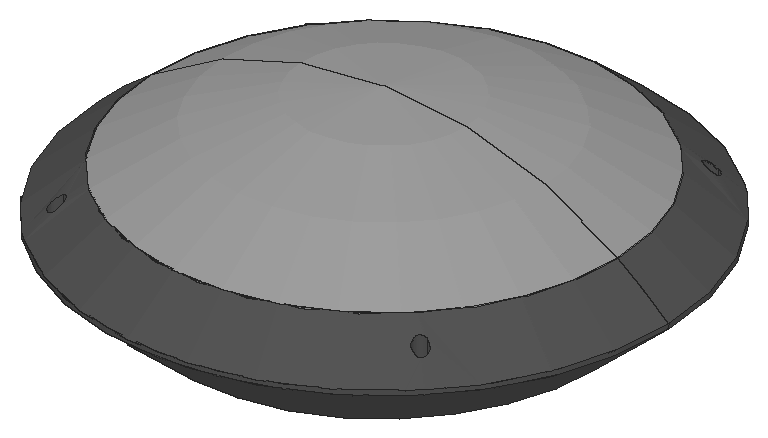
Revit family "0049018+0049033", category Lighting Fixtures, host Face, Revit 2017
Family settings
  Host = Face
  Round Connector Dimension = Use Diameter
  Part Type = Normal
  OmniClass Number = 23.80.70.00
  OmniClass Title = Lighting
  Cut with Voids When Loaded = No
  Light Source = Yes
  Shared = No
  Room Calculation Point = No
Parameters (values of type "0049018 Srt Surface IP66 2400lm 830 BK - 16.5 W")
  WidthCover_SYL = if([300mm_SYL], 27.5 mm, 31.3 mm)  # 31.3 mm
  WidthBottomSlope_SYL = if([300mm_SYL], 39.2 mm, 45.4 mm)  # 45.4 mm
  Weight = "10.0 kg"
  Wattage Comments = ""
  Wattage = 16.5 W
  WarrantyStartDate [instance] = "n/a"
  WarrantyGuarantorParts = "n/a"
  WarrantyDurationUnit = "n/a"
  WarrantyDurationParts = "n/a"
  WarrantyDescription = "n/a"
  built-in parameter 1150110 = 1 (stored number, unit not read)
  Voltage = 230 V
  URL = "http://www.sylvania-lighting.com"
  TypeName = "Start Surface IP66 2400lm 830 IK10 BLK - 16.5 W"
  Type Image = <None>
  Type Comments = "n/a"
  built-in parameter 1114217 = 1 (stored number, unit not read)
  Tilt Angle = -90.00°
  built-in parameter 1150109 = 1 (stored number, unit not read)
  built-in parameter 1150134 = (empty or 0)
  built-in parameter 1150113 = 1 (stored number, unit not read)
  SerialNumber [instance] = "n/a"
  RadiusTopOffset_SYL = RadiusFront_SYL - 2 mm  # 252 mm
  RadiusEyelid_SYL = 252.4 mm
  PowerFactor = 0
  PowerConsumption = "16.5 W"
  Photometric Web File = "0049018_17W.ies"
  NominalLength = 350 mm
  NominalHeight = 110 mm
  NominalDepth = 350 mm
  Name = "Start Surface IP66 2400lm 830 IK10 BLK - 16.5 W"
  ModelReference = Name  # "Start Surface IP66 2400lm 830 IK10 BLK - 16.5 W"
  ModelNumber = "0049018"
  Model = Name  # "Start Surface IP66 2400lm 830 IK10 BLK - 16.5 W"
  Material = "polycarbonate body, polycaarbonate housing"
  ManufacturerName = "Feilo Sylvania"
  Manufacturer = "Feilo Sylvania"
  LuminousEfficacy = "103.0 lm/W"
  built-in parameter 1150105 = 559.69 (stored number, unit not read)
  Lumens = 1700 lm
  LuminaireType = ""
  built-in parameter 1150115 = 1 (stored number, unit not read)
  LightOutputRatio = "n/a"
  built-in parameter 1150137 = (empty or 0)
  built-in parameter 1150139 = (empty or 0)
  LampsType = Lamp  # "LED"
  LampNominalLuminous = "1700 lm"
  LampMacAdamStep = "n/a"
  LampColourTemperature = "3000 K"
  LampColourRenderingIndex = "80"
  built-in parameter 1150112 = 1 (stored number, unit not read)
  built-in parameter 1150114 = 1 (stored number, unit not read)
  Lamp = "LED"
  Keynote = "16500"
  InstallationDate [instance] = "n/a"
  InputVoltage = "220-240 V AC"
  InputNominalFrequency = "50/60 Hz"
  built-in parameter 1150132 = (empty or 0)
  built-in parameter 1150102 = (empty or 0)
  built-in parameter 1150107 = 3000 (stored number, unit not read)
  built-in parameter 1150138 = (empty or 0)
  IngressProtection = "IP66"
  ImpactProtectionIndex = "IK10"
  built-in parameter 1150106 = 5.5969 (stored number, unit not read)
  IfcExportType = "IfcLightFixtureType"
  IfcExportAs = "IfcLightFixtureType"
  HoleRad_SYL = if([300mm_SYL], 134 mm, 158.3 mm)  # 158.3 mm
  HoleHoleRad_SYL = 4.7 mm
  HoleAngle_SYL = 45.00°
  Height_SYL = if([300mm_SYL], 95 mm, 113 mm)  # 113 mm
  HeightFrontSlope_SYL = if([300mm_SYL], 22 mm, 26 mm)  # 26 mm
  HeightBottomSlope_SYL = if([300mm_SYL], 30 mm, 38 mm)  # 38 mm
  RadiusFront_SYL = if([300mm_SYL], 216.5 mm, 254 mm)  # 254 mm
  Eyelid_SYL = no
  ExpectedLife = 50000
  Emit from Circle Diameter = Diameter_SYL - 2 * WidthCover_SYL  # 287.4 mm
  Emit Shape Visible in Rendering = no
  ElectricShockClassification = "Class II"
  built-in parameter 1150104 = 9.5718 (stored number, unit not read)
  DurationUnit = "hours"
  DocumentationLiterature = "http://www.sylvania-lighting.com/product/en-int/products/0049018"
  DimmingControlOptions = "Non dimmable"
  Material_2_SYL = LED-Sylvania-StartSurfaceIP66
  Dimming Lamp Color Temperature Shift = <None>
  Diameter_SYL = if([300mm_SYL], 300 mm, 350 mm)  # 350 mm
  Description = "LED exterior surface mounted luminaire, 350mm diameter, 2400lm as max. lumen output, can be adjusted down to 1700lm by internal switch, 15W power consumption, 100lm/W efficacy, 3000K color temperature, CRI80, non-dimmable, IP66, IK10, 50,000 hours (L70), black housing, vandal resistant"
  Default Elevation = 1219.2 mm
  CreatedOn = "7/9/2019"
  CreatedBy = "@sylvania-lighting.com"
  Cost = 0
  Color Filter = 16777215
  built-in parameter 1114216 [instance] = (empty or 0)
  ClassificationValue = "EF_70_80"
  ClassificationName = "Uniclass2015"
  Material_1_SYL = Body-Sylvania-StartSurfaceIP66-Black
  BarCode [instance] = "n/a"
  built-in parameter 1114218 = 1 (stored number, unit not read)
  built-in parameter 1150133 = 10 (stored number, unit not read)
  AssetType = "Fixed"
  AssetIdentifier [instance] = "n/a"
  Assembly Code = "D5020200"
  Apparent Load = 16.5 VA
  Material_3_SYL = none
  300mm_SYL = no
Types (3, lengths in mm): name | Wattage | TypeName | PowerConsumption | Photometric Web File | Name | ModelReference | Model | LuminousEfficacy | built-in parameter 1150105 | Lumens | LampNominalLuminous | built-in parameter 1150106 | Eyelid_SYL | built-in parameter 1150104 | Apparent Load
  0049018 Srt Surface IP66 2400lm 830 BK - 24 W | 24 W | "Start Surface IP66 2400lm 830 IK10 BLK - 24 W" | "24 W" | "0049018_24W.ies" | "Start Surface IP66 2400lm 830 IK10 BLK - 24 W" | "Start Surface IP66 2400lm 830 IK10 BLK - 24 W" | "Start Surface IP66 2400lm 830 IK10 BLK - 24 W" | "100 lm/W" | 733.84 (stored number, unit not read) | 2400 lm | "2400 lm" | 7.3384 (stored number, unit not read) | no | 9.2903 (stored number, unit not read) | 24 VA
  0049018 Srt Surface IP66 2400lm 830 BK - 16.5 W | 16.5 W | "Start Surface IP66 2400lm 830 IK10 BLK - 16.5 W" | "16.5 W" | "0049018_17W.ies" | "Start Surface IP66 2400lm 830 IK10 BLK - 16.5 W" | "Start Surface IP66 2400lm 830 IK10 BLK - 16.5 W" | "Start Surface IP66 2400lm 830 IK10 BLK - 16.5 W" | "103.0 lm/W" | 559.69 (stored number, unit not read) | 1700 lm | "1700 lm" | 5.5969 (stored number, unit not read) | no | 9.5718 (stored number, unit not read) | 16.5 VA
  0049018+0049033 Srt Surface IP66 2400lm 830 BK - 24 W + Eyelid | 24 W | "Start Surface IP66 2400lm 830 IK10 BLK - 24 W" | "24 W" | "0049018+0049033.ies" | "Start Surface IP66 2400lm 830 IK10 BLK - 24 W" | "Start Surface IP66 2400lm 830 IK10 BLK - 24 W" | "Start Surface IP66 2400lm 830 IK10 BLK - 24 W" | "100 lm/W" | 733.84 (stored number, unit not read) | 2400 lm | "2400 lm" | 7.3384 (stored number, unit not read) | yes | 9.2903 (stored number, unit not read) | 24 VA
Reference planes
  plane 1 "Center (Front/Back)": y = 0
  plane 2: z = 0
  plane 3 "Center (Left/Right)": x = 0
  plane 4: x = 175
  plane 5: x = -175
  plane 6: z = 38
  plane 7: x = -129.6
  plane 8: x = 129.6
  plane 9: x = -143.7
  plane 10: z = 41
  plane 11: y = -13
  plane 12: z = 67
  plane 13: z = 113
  plane 14: z = 42.5
  plane 15: x = 0
  plane 16: x = -3.3
  plane 17: y = 3.25
  plane 18: y = -3.35
  plane 19: y = 44.25
  plane 20: y = -44.35
  plane 21: y = 50.75
  plane 22: y = -50.85
  plane 23: y = -91.85
  plane 24: y = 91.75
  plane 25: y = 97.75
  plane 26: y = -97.85
Forms (mm)
  Revolve 1, solid, material "Body-Sylvania-StartSurfaceIP66-Black" <- "Material_1_SYL"
    sketch origin (0, 0, 0) x (1, 0, 0) y (0, 0, 1)
      loop
        line (0, 0) -> (0, 41) -> (-143.7, 41) -> (-143.7, 66.348)
        arc (-143.7, 66.348) -> (-159.853, 54.295) -> (-175, 41) r 254
        line (-175, 41) -> (-175, 38) -> (-129.6, 0) -> (0, 0)
      axis (0, 66.348) -> (0, 0)
    angle from 360 to 0
  Extrusion 2, void
    sketch origin (-1524.635, -4572, 41) x (0, -1, 0) y (-1, 0, 0)
      loop
        line (-4367.393, -1349.635) -> (-4559, -1349.635)
        arc (-4559, -1349.635) -> (-4576.647, -1524.635) -> (-4559, -1699.635) r 876.532
        line (-4559, -1699.635) -> (-4367.393, -1699.635) -> (-4367.393, -1349.635)
    from -85.687 to 41
  Extrusion 3, void
    sketch origin (-1534.635, -4572, 67) x (0, -1, 0) y (-1, 0, 0)
      loop
        circle (-4683.935, -1422.7) r 4.7
      loop
        circle (-4683.935, -1646.57) r 4.7
      loop
        circle (-4460.065, -1646.57) r 4.7
      loop
        circle (-4460.065, -1422.7) r 4.7
    from 0.652 to 29
  Revolve 4, solid, material "LED-Sylvania-StartSurfaceIP66" <- "Material_2_SYL"
    sketch origin (0, 0, 0) x (1, 0, 0) y (0, 0, 1)
      loop
        line (-143.7, 66.348) -> (-143.7, 63.918)
        arc (-143.7, 63.918) -> (-75.289, 97.395) -> (0, 108.905) r 252
        line (0, 108.905) -> (0, 110.905)
        arc (0, 110.905) -> (-75.225, 99.51) -> (-143.7, 66.348) r 254
      axis (0, 110.905) -> (0, 63.918)
    angle from 360 to 0
  Revolve 5, solid, material "Body-Sylvania-StartSurfaceIP66-Black" <- "Material_1_SYL", visible <- "Eyelid_SYL"
    sketch origin (0, 0, 0) x (1, 0, 0) y (0, 0, 1)
      loop
        line (-175, 42.5) -> (-175, 41)
        arc (-175, 41) -> (-94.223, 92.782) -> (0, 110.905) r 254
        line (0, 110.905) -> (0, 113.019)
        arc (0, 113.019) -> (-94.337, 94.726) -> (-175, 42.5) r 252.4
      axis (0, 113.019) -> (0, 41)
    angle from 360 to 0
Cuts and joins
  Extrusion 3 cuts Revolve 1
  Extrusion 2, Extrusion 3 cuts Revolve 5
Lines and regions (mm)
  reference lines
    curve 1: circle (0, 0, 0) r 158.3 normal (0, 0, 1)
    curve 2: line (0, 0, 0) -> (-111.935, 111.935, 0)
    curve 3: line (0, 0, 0) -> (111.935, 111.935, 0)
    curve 4: line (0, 0, 0) -> (-111.935, -111.935, 0)
    curve 5: line (0, 0, 0) -> (111.935, -111.935, 0)
    curve 6: arc (-175, 0, 41) -> (-61.42, 0, 103.367) -> (68.144, 0, 101.593) r 254
    curve 7: circle (0, 0, 41) r 158.3 normal (0, 0, 1)
    curve 8: line (111.935, -108.883, 41) -> (111.935, -111.935, 41)
    curve 9: circle (111.935, -111.935, 41) r 4.7 normal (0, 0, 1)
    curve 10: line (111.935, 111.935, 41) -> (111.935, 116.935, 41)
    curve 11: line (-111.935, 111.935, 41) -> (-111.935, 116.935, 41)
    curve 12: line (-111.935, -111.935, 41) -> (-111.935, -116.935, 41)
    curve 13: circle (-111.935, 111.935, 41) r 4.7 normal (0, 0, 1)
    curve 14: circle (111.935, 111.935, 41) r 4.7 normal (0, 0, 1)
    curve 15: circle (-111.935, -111.935, 41) r 4.7 normal (0, 0, 1)
    curve 16: arc (129.6, 0, 73.025) -> (-8.393, 0, 108.765) -> (-143.7, 0, 63.918) r 252
    curve 17: arc (-175, 0, 42.5) -> (0, 0, 113.019) -> (175, 0, 42.5) r 252.4
    curve 18: circle (0, 0, 67) r 145.5 normal (0, 0, 1)
Dimensions and locks
  equal spacing: plane 4, plane 3 "Center (Left/Right)", plane 5
  "Diameter_SYL": plane 4 to plane 5
  equal spacing: plane 8, plane 3 "Center (Left/Right)", plane 7
  "WidthBottomSlope_SYL": plane 7 to plane 5
  locked: plane 10 to plane 6 at 3
  locked: plane 11 to plane 1 "Center (Front/Back)" at 13
  "WidthCover_SYL": plane 9 to plane 5
  locked: plane 1 "Center (Front/Back)" to host face at 300
  "HeightBottomSlope_SYL": plane 6 to plane 2
  "HeightFrontSlope_SYL": plane 12 to plane 10
  "Height_SYL": plane 13 to plane 2
  locked: plane 14 to plane 10 at 1.5
  plane 26 to plane 23 to plane 22 to plane 20 to plane 18 to plane 17 to plane 19 to plane 21 to plane 24 to plane 25 = 6 mm locked, 41 mm locked, 6.5 mm locked, 41 mm locked, 6.6 mm locked, 41 mm locked, 6.5 mm locked, 41 mm locked, 6 mm locked
  locked: plane 1 "Center (Front/Back)" to plane 17 at 3.25
  "HoleRad_SYL": radius of curve 1
  "RadiusFront_SYL": radius of curve 6
  "HoleRad_SYL": radius of curve 7
  "HoleHoleRad_SYL": radius of curve 9
  "HoleHoleRad_SYL": radius of curve 13
  "HoleHoleRad_SYL": radius of curve 14
  "HoleHoleRad_SYL": radius of curve 15
  "RadiusTopOffset_SYL": radius of curve 16
  "RadiusEyelid_SYL": radius of curve 17
  radius of curve 18 = 145.5 mm
  "HoleAngle_SYL": angle curve 2 to plane 1 "Center (Front/Back)"
  "HoleAngle_SYL": angle plane 1 "Center (Front/Back)" to curve 3
  "HoleAngle_SYL": angle plane 1 "Center (Front/Back)" to curve 4
  "HoleAngle_SYL": angle curve 5 to plane 1 "Center (Front/Back)"
  aligned and locked: plane 2 to host face
  aligned and locked: level to host face
  aligned and locked: Revolve 1 sketch curve to plane 3 "Center (Left/Right)"  (x2)
  aligned and locked: level to Revolve 1 sketch curve
  aligned and locked: plane 5 to Revolve 1 sketch curve
  aligned and locked: Revolve 1 sketch curve to plane 10
  aligned and locked: plane 4 to Extrusion 2
  aligned and locked: Extrusion 2 to plane 5
  aligned and locked: plane 3 "Center (Left/Right)" to curve 6
  aligned and locked: Extrusion 2 to level
  aligned and locked: plane 10 to curve 6
  aligned and locked: Revolve 1 sketch curve to curve 6
  aligned and locked: plane 3 "Center (Left/Right)" to curve 7
  aligned and locked: plane 1 "Center (Front/Back)" to curve 7
  aligned and locked: plane 3 "Center (Left/Right)" to curve 5
  aligned and locked: curve 8 to curve 5
  aligned and locked: curve 5 to curve 9
  aligned and locked: curve 8 to curve 9
  aligned and locked: curve 3 to curve 10
  aligned and locked: curve 2 to curve 11
  aligned and locked: curve 4 to curve 12
  aligned and locked: curve 2 to curve 13
  aligned and locked: curve 13 to curve 11
  aligned and locked: curve 4 to curve 15
  aligned and locked: curve 15 to curve 12
  aligned and locked: curve 3 to curve 14
  aligned and locked: curve 14 to curve 10
  aligned and locked: Extrusion 3 sketch curve to curve 13
  aligned and locked: Extrusion 3 sketch curve to curve 14
  aligned and locked: Extrusion 3 sketch curve to curve 9
  aligned and locked: Extrusion 3 sketch curve to curve 15
  aligned and locked: Revolve 1 to Extrusion 3
  aligned and locked: Extrusion 3 to plane 6
  aligned and locked: Revolve 4 sketch curve to plane 3 "Center (Left/Right)"  (x2)
  aligned and locked: plane 9 to curve 16
  aligned and locked: plane 8 to curve 16
  aligned and locked: plane 3 "Center (Left/Right)" to curve 16
  aligned and locked: Revolve 4 sketch curve to curve 6
  aligned and locked: Revolve 4 sketch curve to curve 16
  aligned and locked: Revolve 4 sketch curve to plane 9
  aligned and locked: Extrusion 2 to plane 2
  aligned and locked: plane 4 to curve 17
  aligned and locked: plane 14 to curve 17  (x2)
  aligned and locked: plane 5 to curve 17
  aligned and locked: Revolve 5 sketch curve to curve 17
  aligned and locked: Revolve 5 sketch curve to plane 3 "Center (Left/Right)"  (x2)
  aligned and locked: Revolve 5 sketch curve to plane 5
  aligned and locked: Revolve 5 sketch curve to curve 6
  aligned and locked: plane 13 to imposter light
  aligned and locked: plane 15 to imposter light
  aligned and locked: imposter light to plane 3 "Center (Left/Right)"
  aligned and locked: plane 1 "Center (Front/Back)" to imposter light
Automatic sketch dimensions
  host sketch curve to host sketch curve = 600 mm  (x2)
  plane 1 "Center (Front/Back)" to curve 1 = 0 mm
  curve 1 to plane 3 "Center (Left/Right)" = 0 mm
  plane 1 "Center (Front/Back)" to curve 3 = 0 mm
  curve 6 to curve 16 = 0 mm
  curve 6 to plane 5 = 0 mm
  curve 6 to plane 13 = 11.407 mm
  Revolve 1 sketch curve to plane 9 = 0 mm
  Revolve 1 sketch curve to plane 7 = 0 mm
  Revolve 1 sketch curve to plane 6 = 0 mm
  Revolve 1 sketch curve to Revolve 1 sketch curve = 486.484 mm
  plane 13 to Revolve 1 sketch curve = 2508.512 mm
  Extrusion 2 sketch curve to plane 4 = 0 mm
  plane 11 to Extrusion 2 sketch curve = 0 mm  (x2)
  Extrusion 2 sketch curve to plane 5 = 0 mm
  plane 26 to Extrusion 2 sketch curve = 106.757 mm
  Extrusion 2 sketch curve to Extrusion 2 sketch curve = 667.277 mm
  curve 10 to curve 10 = 5 mm
  curve 11 to curve 11 = 5 mm
  curve 8 to curve 8 = 3.052 mm
  curve 15 to curve 12 = 5 mm
  Revolve 4 sketch curve to Revolve 4 sketch curve = 486.484 mm
  plane 13 to Revolve 4 sketch curve = 2513.579 mm
  Revolve 5 sketch curve to Revolve 5 sketch curve = 466.505 mm
  Revolve 5 sketch curve to Revolve 5 sketch curve = 2496.039 mm
  plane 1 "Center (Front/Back)" to curve 18 = 0 mm
  curve 18 to plane 3 "Center (Left/Right)" = 0 mm
Connectors
  electrical at (0, 0, 0), driven by "Apparent Load", driven by "PowerFactor", driven by "Voltage"
    settings: index 1, voltage 230 V, apparent load 16.5 VA, apparent load phase1 0 VA, apparent load phase2 0 VA, apparent load phase3 0 VA, power factor 0, load classification "Lighting", number of poles 1, system type 30, power factor state 1, is connector primary yes, connector utility no, sub classification motor no, connector description ""
